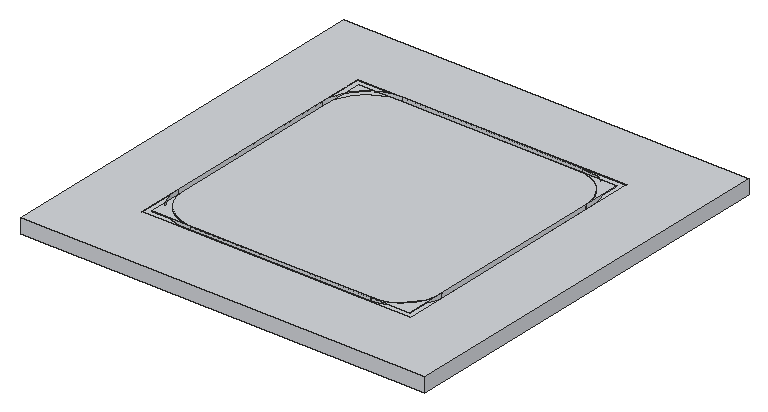
Revit family "Door_Access_Glass-Fiber_Acudor_GFRG-Popout", category Generic Models, host Face, Revit 2026
Family settings
  Host = Face
  Can host rebar = No
  Round Connector Dimension = Use Diameter
  Part Type = Normal
  Cut with Voids When Loaded = No
  Maintain Annotation Orientation = No
  Shared = No
  Room Calculation Point = No
Parameters
  Warranty Duration (Years) = 0
  Unit Width = 1' - 0"
  Unit Weight = 0
  Unit Height = 1' - 0"
  Unit Depth [instance] = 0' - 0 5/8"
  URL = "http://www.acudor.com/"
  Test Data = ""
  Standards Conformance = "as Specified"
  Square Edge = yes
  Specification = ""
  SpecWizard = ""
  Send Message = ""
  Sales Information = "http://www.acudor.com/contactus"
  Round Edge = yes
  Revision = "R1_2017-03"
  Product Properties = ""
  Product Data = "http://www.arcat.com/arcatcos/cos30/arc30126.html"
  Overall Width = 1' - 6"
  Overall Height = 1' - 6"
  Opening Width = Overall Width  # 1' - 6"
  Opening Height = Overall Height  # 1' - 6"
  Opening Depth [instance] = 1' - 0"
  Model = "As Specified"
  Manufacturer Website = "http://www.acudor.com/"
  Manufacturer Phone - Toll Free = "800-722-0501"
  Manufacturer Phone = "973-575-5120"
  Manufacturer Fax = "973-575-5160"
  Manufacturer Address = "80 Little Falls Rd.  Fairfield, NJ 07004"
  Manufacturer = "Acudor Products Inc"
  Maintenance Schedule (Months) = 0
  Keynote = ""
  Installation-Fabrication = ""
  Installation Phase = ""
  Green Building-LEED = "http://www.arcat.com/green/clients/leed_data_30126.html"
  Fixture Finish [instance] = none
  Fire Performance = "as Specified"
  Expected Lifespan (Years) = 0
  Drawn By = "Sumex Design, Inc. / Robert S. Weygant, CSI, CDT, SCIP"
  Door Width = Unit Width  # 1' - 0"
  Door Height = Unit Height  # 1' - 0"
  Description = "Acudor Product as Specified"
  Default Elevation = 0' - 0"  # constant formula
  Copyright = "©Arcat Inc."
  Construction Details = ""
  Clear Opening Width = Unit Width - 0' 0 1/2"  # 0' - 11 1/2"
  Clear Opening Height = Unit Height - 0' 0 1/2"  # 0' - 11 1/2"
  Available Options [instance] = "as Specified"
  Assembly Code = ""
Reference planes (in)
  plane 1 "Center (Front/Back)": y = 0
  plane 2: z = 0
  plane 3 "Center (Left/Right)": x = 0
  plane 4: y = 6
  plane 5: y = -6
  plane 6: x = -6
  plane 7: x = 6
  plane 8: z = 0
  plane 9: y = 9
  plane 10: y = -9
  plane 11: x = -9
  plane 12: x = 9
  plane 13: z = -0.625
  plane 14: x = -9
  plane 15: x = 9
  plane 16: y = 9
  plane 17: y = -9
  plane 18: z = -12
Forms (in)
  Extrusion 1, void
    sketch origin (0, 0, 0) x (1, 0, 0) y (0, 1, 0)
      loop
        line (-9, 9) -> (-9, -9) -> (9, -9) -> (9, 9) -> (-9, 9)
    from -12 to 0
  Extrusion 2, solid, material <- "Fixture Finish", visible <- "Square Edge"
    sketch origin (0, 0, 0) x (1, 0, 0) y (0, 1, 0)
      loop
        line (-9, 9) -> (-9, -9) -> (9, -9) -> (9, 9) -> (-9, 9)
      loop
        line (-6, 6) -> (-6, -6) -> (6, -6) -> (6, 6) -> (-6, 6)
    from 0 to -0.625
  Extrusion 3, solid, material <- "Fixture Finish", visible <- "Square Edge"
    sketch origin (0, 0, 0) x (1, 0, 0) y (0, 1, 0)
      loop
        line (-5.75, -5.75) -> (5.75, -5.75) -> (5.75, 5.75) -> (-5.75, 5.75) -> (-5.75, -5.75)
    from 0 to -0.1875
  Extrusion 4, solid, material <- "Fixture Finish", visible <- "Square Edge"
    sketch origin (0, 0, 0) x (1, 0, 0) y (0, 1, 0)
      loop
        line (-6, 6) -> (-6, -6) -> (6, -6) -> (6, 6) -> (-6, 6)
    from -0.375 to -0.1875
  Extrusion 5, solid, material <- "Fixture Finish", visible <- "Round Edge"
    sketch origin (0, 0, 0) x (1, 0, 0) y (0, 1, 0)
      loop
        line (-9, 9) -> (-9, -9) -> (9, -9) -> (9, 9) -> (-9, 9)
      loop
        arc (-4, 6) -> (-5.41421, 5.41421) -> (-6, 4) r 2
        line (-6, 4) -> (-6, -4)
        arc (-6, -4) -> (-5.41421, -5.41421) -> (-4, -6) r 2
        line (-4, -6) -> (4, -6)
        arc (4, -6) -> (5.41421, -5.41421) -> (6, -4) r 2
        line (6, -4) -> (6, 4)
        arc (6, 4) -> (5.41421, 5.41421) -> (4, 6) r 2
        line (4, 6) -> (-4, 6)
    from 0 to -0.625
  Extrusion 6, solid, material <- "Fixture Finish", visible <- "Round Edge"
    sketch origin (0, 0, 0) x (1, 0, 0) y (0, 1, 0)
      loop
        line (-5.75, 4) -> (-5.75, -4)
        arc (-5.75, -4) -> (-5.23744, -5.23744) -> (-4, -5.75) r 1.75
        line (-4, -5.75) -> (4, -5.75)
        arc (4, -5.75) -> (5.23744, -5.23744) -> (5.75, -4) r 1.75
        line (5.75, -4) -> (5.75, 4)
        arc (5.75, 4) -> (5.23744, 5.23744) -> (4, 5.75) r 1.75
        line (4, 5.75) -> (-4, 5.75)
        arc (-4, 5.75) -> (-5.23744, 5.23744) -> (-5.75, 4) r 1.75
    from 0 to -0.1875
  Extrusion 7, solid, material <- "Fixture Finish", visible <- "Round Edge"
    sketch origin (0, 0, 0) x (1, 0, 0) y (0, 1, 0)
      loop
        line (-6, 4) -> (-6, -4)
        arc (-6, -4) -> (-5.41421, -5.41421) -> (-4, -6) r 2
        line (-4, -6) -> (4, -6)
        arc (4, -6) -> (5.41421, -5.41421) -> (6, -4) r 2
        line (6, -4) -> (6, 4)
        arc (6, 4) -> (5.41421, 5.41421) -> (4, 6) r 2
        line (4, 6) -> (-4, 6)
        arc (-4, 6) -> (-5.41421, 5.41421) -> (-6, 4) r 2
    from -0.375 to -0.1875
Dimensions and locks (in)
  locked: plane 8 to level
  equal spacing: plane 4, plane 1 "Center (Front/Back)", plane 5
  "Unit Height": plane 4 to plane 5
  equal spacing: plane 6, plane 3 "Center (Left/Right)", plane 7
  "Unit Width": plane 6 to plane 7
  equal spacing: plane 11, plane 3 "Center (Left/Right)", plane 12
  equal spacing: plane 9, plane 1 "Center (Front/Back)", plane 10
  "Overall Width": plane 11 to plane 12
  "Overall Height": plane 9 to plane 10
  "Unit Depth": plane 8 to plane 13
  equal spacing: plane 16, plane 1 "Center (Front/Back)", plane 17
  equal spacing: plane 14, plane 3 "Center (Left/Right)", plane 15
  "Opening Width": plane 14 to plane 15
  "Opening Height": plane 16 to plane 17
  "Opening Depth": level to plane 18
  locked: plane 6 to Extrusion 3 sketch curve at 0.25
  locked: Extrusion 3 sketch curve to plane 7 at 0.25
  locked: plane 4 to Extrusion 3 sketch curve at 0.25
  locked: Extrusion 3 sketch curve to plane 5 at 0.25
  locked: plane 4 to Extrusion 5 sketch curve at 2  (x2)
  locked: Extrusion 5 sketch curve to plane 5 at 2
  locked: Extrusion 5 sketch curve to plane 7 at 2
  locked: plane 4 to Extrusion 6 sketch curve at 0.25
  locked: plane 4 to Extrusion 6 sketch curve at 2  (x2)
  locked: Extrusion 6 sketch curve to plane 7 at 0.25
  locked: plane 6 to Extrusion 6 sketch curve at 0.25
  locked: Extrusion 6 sketch curve to plane 5 at 2
  locked: Extrusion 6 sketch curve to plane 5 at 0.25
  locked: plane 6 to Extrusion 6 sketch curve at 2
  locked: plane 4 to Extrusion 7 sketch curve at 2  (x2)
  locked: Extrusion 7 sketch curve to plane 5 at 2  (x2)
  aligned and locked: host face to plane 2
  aligned and locked: host face to level
  aligned and locked: Extrusion 1 sketch curve to plane 16
  aligned and locked: plane 14 to Extrusion 1 sketch curve
  aligned and locked: plane 17 to Extrusion 1 sketch curve
  aligned and locked: Extrusion 1 sketch curve to plane 15
  aligned and locked: Extrusion 1 to plane 18
  aligned and locked: Extrusion 2 sketch curve to plane 9
  aligned and locked: plane 11 to Extrusion 2 sketch curve
  aligned and locked: plane 10 to Extrusion 2 sketch curve
  aligned and locked: Extrusion 2 sketch curve to plane 12
  aligned and locked: Extrusion 2 sketch curve to plane 4
  aligned and locked: plane 6 to Extrusion 2 sketch curve
  aligned and locked: plane 5 to Extrusion 2 sketch curve
  aligned and locked: Extrusion 2 sketch curve to plane 7
  aligned and locked: Extrusion 2 to plane 13
  aligned and locked: Extrusion 4 sketch curve to Extrusion 2  (x4)
  aligned and locked: Extrusion 5 sketch curve to Extrusion 2  (x4)
  aligned and locked: Extrusion 2 to Extrusion 5 sketch curve  (x2)
  aligned and locked: plane 5 to Extrusion 5 sketch curve
  aligned and locked: Extrusion 5 sketch curve to plane 7
  aligned and locked: plane 6 to Extrusion 7 sketch curve
  aligned and locked: Extrusion 7 sketch curve to plane 4
  aligned and locked: Extrusion 7 sketch curve to plane 7
  aligned and locked: plane 5 to Extrusion 7 sketch curve
  aligned and locked: Extrusion 5 to plane 13
Automatic sketch dimensions
  host sketch curve to host sketch curve = 12' - 11.75605"
  host sketch curve to host sketch curve = 12' - 7.74281"
